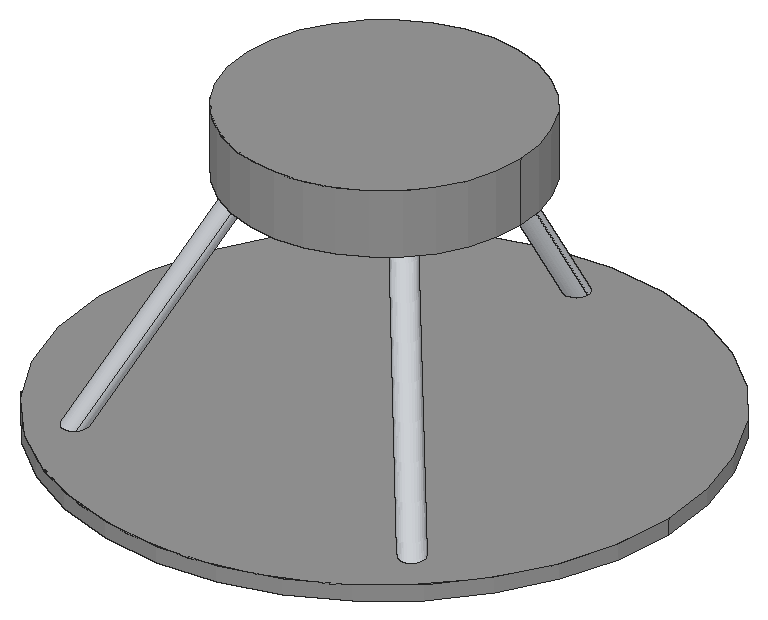
Revit family "URANUS_42W_4000K_4200LM_500DIAM", category Lighting Fixtures, host Ceiling, Revit 2021
Family settings
  Host = Ceiling
  Round Connector Dimension = Use Diameter
  Part Type = Normal
  OmniClass Number = 23.80.70.11
  OmniClass Title = Luminaries for Internal Lighting
  Always vertical = Yes
  Cut with Voids When Loaded = No
  Light Source = Yes
  Shared = No
  Room Calculation Point = No
Parameters (values of type "Type 1")
  Wattage = 28.2748 W
  built-in parameter 1150110 = 1 (stored number, unit not read)
  Type de lampe = "SMD 2835 LM-80"
  Type = "Suspension"
  built-in parameter 1114217 = 1 (stored number, unit not read)
  Tilt Angle = 90.00°
  built-in parameter 1150109 = 1 (stored number, unit not read)
  built-in parameter 1150134 = 12
  built-in parameter 1150113 = 1 (stored number, unit not read)
  Puissance nominale = "42W"
  Photometric Web File = "google_eulumdat_converter (12).ies"
  Matériau = "Aluminium"
  Lumens = 4200 lm
  built-in parameter 1150115 = 1 (stored number, unit not read)
  built-in parameter 1150105 = 334.23 (stored number, unit not read)
  Longueur filins de suspension = "1900 mm"
  built-in parameter 1150137 = (empty or 0)
  built-in parameter 1150139 = (empty or 0)
  built-in parameter 1150112 = 1 (stored number, unit not read)
  built-in parameter 1150114 = 1 (stored number, unit not read)
  built-in parameter 1150132 = 2
  built-in parameter 1150102 = (empty or 0)
  built-in parameter 1150138 = (empty or 0)
  built-in parameter 1150107 = 4000 (stored number, unit not read)
  built-in parameter 1150106 = 3.3423 (stored number, unit not read)
  IRC = ">80"
  Fintion = "Blanc texturé"
  Emit from Circle Diameter = 609.6 mm
  Emit Shape Visible in Rendering = no
  built-in parameter 1150104 = 13.8 (stored number, unit not read)
  Durée de vie = "50 000 heures"
  Driver = "Driver Lifud"
  Dimming Lamp Color Temperature Shift = <None>
  Dimensions = "ø 500 mm; H : 12,5 mm"
  Default Elevation = 0 mm
  Color Filter = 16777215
  built-in parameter 1114218 = 1 (stored number, unit not read)
  built-in parameter 1150133 = 10 (stored number, unit not read)
  Angle d'éclairage = "120°"
  Alimentation luminaire = "1050mA / 27-42V"
  Alimentation Driver = "AC 200-240 V"
Reference planes
  plane 1 "Light Source Axis (F/B)": y = 0
  plane 2: z = 0
  plane 3 "Light Source Axis (L/R)": x = 0
  plane 4 "Ceiling": z = 4000
  plane 5 "Light Source Elevation": z = 3750
Forms (mm)
  Extrusion 1, solid, material "Aluminum, Blanc texturé"
    sketch origin (0, 0, 4000) x (0, 1, 0) y (-1, 0, 0)
      loop
        circle (0, 0) r 250
    from -250 to -237.5
  Extrusion 2, void
    sketch origin (0, 0, 4000) x (0, 1, 0) y (-1, 0, 0)
      loop
        circle (0, 0) r 235
    from -452.028 to -243.496
  Extrusion 3, solid, material "Glass, White, High Luminance"
    sketch origin (0, 0, 4000) x (0, 1, 0) y (-1, 0, 0)
      loop
        circle (0, 0) r 235
    from -250 to -248.079
  Extrusion 4, solid, material "Aluminum, Blanc texturé"
    sketch origin (0, 0, 4000) x (0, 1, 0) y (-1, 0, 0)
      loop
        circle (0, 0) r 120
    from -52.283 to 0
  Blend 5, solid
    base sketch origin (20.766, -11.354, 4000) x (-0.669131, 0.743145, 0) y (-0.743145, -0.669131, 0)
      loop
        circle (-187.094, 1.194) r 10
    top sketch origin (20.766, -11.354, 4000) x (-0.669131, 0.743145, 0) y (-0.743145, -0.669131, 0)
      loop
        circle (-69.632, 0) r 10
    from -237.5 to -52.283
  Blend 6, solid
    base sketch origin (1.636, 21.27, 4000) x (0, 1, 0) y (-1, 0, 0)
      loop
        circle (188.687, 0.818) r 10
    top sketch origin (1.636, 21.27, 4000) x (0, 1, 0) y (-1, 0, 0)
      loop
        circle (69.632, 0) r 10
    from -237.5 to -52.283
  Blend 7, solid
    base sketch origin (-20.766, -11.354, 4000) x (-0.669131, -0.743145, 0) y (0.743145, -0.669131, 0)
      loop
        circle (190.994, -2.978) r 10
    top sketch origin (-20.766, -11.354, 4000) x (-0.669131, -0.743145, 0) y (0.743145, -0.669131, 0)
      loop
        circle (69.632, 0) r 10
    from -237.5 to -52.283
Cuts and joins
  Extrusion 2 cuts Extrusion 1
Lines and regions (mm)
  reference lines
    curve 1: circle (0, 0, 4000) r 235 normal (0, 0, -1)
    curve 2: line (0, 0, 3750) -> (0, 0, 3762.5)
    curve 3: line (0, 0, 4000) -> (0, 0, 2100)
    curve 4: line (0, 0, 2100) -> (-60, 0, 2100)
    curve 5: line (0, 0, 4000) -> (250, 0, 4000)
    curve 6: line (250, 0, 4000) -> (250, 40, 4000)
Dimensions and locks
  equal spacing: host sketch curve, plane 3 "Light Source Axis (L/R)", host sketch curve
  equal spacing: host sketch curve, plane 1 "Light Source Axis (F/B)", host sketch curve
  host sketch curve to host sketch curve = 4000 mm  (x2)
  plane 4 "Ceiling" to host ceiling = 0 mm
  aligned and locked: plane 3 "Light Source Axis (L/R)" to imposter light
  aligned and locked: plane 1 "Light Source Axis (F/B)" to imposter light
  aligned and locked: plane 5 "Light Source Elevation" to imposter light
